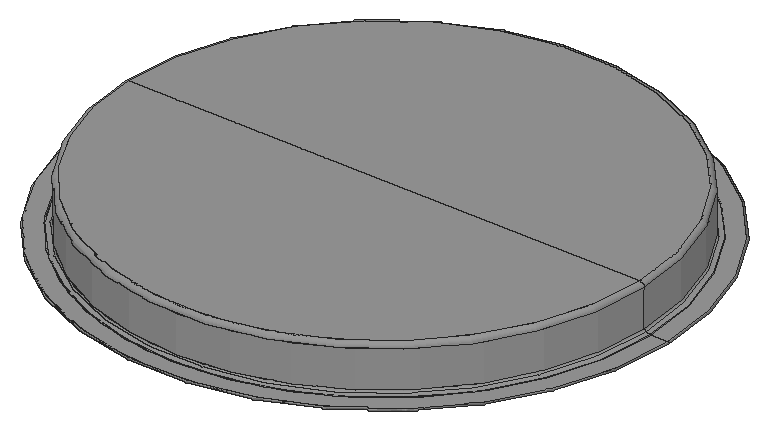
Revit family "MIA13_63_UN_Downlighter_ETK", category Lighting Fixtures, Revit 2017 (continued)
Definition of nested family "MIA.13 - Lightsource"
  Types (8, lengths in mm): name | Wattage | built-in parameter 1150134 | Photometric Web File | built-in parameter 1150142 | built-in parameter 1150105 | Lumens | built-in parameter 1150107 | built-in parameter 1150106
      65.4661 159.6765 \r\n154.0902 148.9101 143.8315 138.9796 134.5183 130.0492 \r\n124.666 118.9624 113.2042 107.3834 101.5314 95.8903 90.9915 \r\n86.1005 80.9829 75.67 70.3414 64.966 59.575 54.1761 48.7694 \r\n43.3784 38.1358 33.4948 28.8538 24.1113 19.3062 14.6105 \r\n10.4461 6.6411 3.7425 2.8987 2.8362 2.7737 \r\n345.652 346.9724 346.7615 346.0974 344.9019 343.48 342.5268 \r\n342.2064 342.0111 341.9095 341.9408 341.972 340.9251 \r\n339.6828 338.0186 335.7997 333.2839 331.0337 329.3226 \r\n327.674 326.3927 325.502 324.5332 322.7283 320.6813 318.228 \r\n315.2434 312.0009 308.8601 305.9536 303.0471 300.6719 \r\n298.5389 296.3357 293.7495 290.9993 288.0381 284.7644 \r\n281.3267 277.6076 273.2479 268.8804 265.2082 261.7626 \r\n258.4733 255.4184 252.5041 249.1757 244.9879 240.6204 \r\n235.9637 230.8227 225.6895 221.1032 216.6966 212.5166 \r\n208.6726 205.0473 201.1642 196.3982 191.64 186.5146 \r\n181.1313 175.7481 170.6618 165.7083 160.8094 155.9809 \r\n151.1759 146.2614 140.972 135.6825 130.4321 125.1973 \r\n119.8844 114.2746 108.4772 102.7971 97.3826 92.0775 86.8896 \r\n82.0298 77.1779 71.8181 66.2317 60.661 55.2153 49.8789 \r\n44.5504 39.2531 33.9636 29.0882 24.6894 20.361 15.8684 \r\n11.2978 6.7193 2.133 0 0 0 \r\n345.652 344.9176 345.3629 345.9489 346.1286 345.8005 \r\n345.1988 344.23 342.5971 340.9876 339.6359 338.4874 \r\n337.4326 336.9873 336.7138 336.0966 335.0496 333.737 \r\n332.0416 329.5336 327.0255 324.2831 321.4626 318.9312 \r\n317.2748 316.0091 314.5011 312.626 310.5633 308.1256 \r\n304.977 301.8361 298.1014 294.1949 290.6399 287.7569 \r\n285.2567 282.7018 279.9984 277.2404 274.0761 270.3649 \r\n266.6536 262.6533 258.5749 254.4183 250.1602 245.8395 \r\n241.6986 238.1124 234.5261 230.8462 227.1115 223.244 \r\n218.6733 213.7667 208.7116 203.4143 198.0389 192.9057 \r\n188.4757 184.0534 179.8891 175.8497 171.5681 166.5208 \r\n160.9501 155.3168 149.5351 143.7612 138.3233 133.6354 \r\n128.9554 123.8612 118.5874 113.2042 107.6412 101.9533 \r\n96.3825 91.2649 86.1786 80.811 75.1543 69.4664 64.1066 \r\n58.9265 53.7229 48.4804 43.2299 38.0577 33.3229 28.5882 \r\n23.7284 18.7827 13.923 9.8133 6.2505 3.4846 2.5627 2.594 \r\n2.6252 \r\n345.652 346.4568 346.5193 346.488 346.1442 345.2848 \r\n344.1519 342.9018 341.4329 340.0188 339.1671 338.9874 \r\n338.7843 338.2374 337.5889 336.5732 335.034 333.2057 \r\n331.1977 328.7288 326.2521 324.0722 322.0408 320.1031 \r\n318.5327 317.1185 315.4778 313.462 311.2353 308.6647 \r\n305.2348 301.797 298.2811 294.7262 291.4681 288.9132 \r\n286.7958 284.4363 281.5845 278.5686 275.209 271.1852 \r\n267.1693 262.708 258.0827 253.7855 250.082 246.8005 \r\n243.4409 239.8312 236.2138 232.1041 227.5803 223.0096 \r\n218.5796 214.2199 209.6648 204.7582 199.6406 194.6558 \r\n190.2649 185.8661 181.6001 177.4045 173.0682 168.0444 \r\n162.5518 156.981 151.2384 145.4411 139.7765 134.5808 \r\n129.3851 124.4785 119.7359 114.8605 109.5945 103.9847 \r\n98.3202 92.4838 86.6005 81.1079 76.1544 71.2712 66.177 \r\n60.9657 55.7387 50.4727 45.1832 39.9641 35.3153 30.6743 \r\n25.838 20.8141 15.7903 11.4384 7.6022 3.7659 0 0 0 \r\n345.652 344.3941 343.5112 342.683 342.5346 342.9409 \r\n343.4409 343.6206 343.4018 343.0815 341.9017 340.4485 \r\n338.7765 336.6591 334.4324 332.8698 331.9322 331.0649 \r\n330.1195 329.0726 328.0334 326.0723 324.0409 321.6736 \r\n318.8999 315.9544 313.1104 310.3758 307.7506 305.5395 \r\n303.719 301.8283 299.1171 296.3044 293.2651 289.9914 \r\n286.5771 282.8893 278.7718 274.7402 271.3415 268.31 \r\n265.3098 262.4111 259.5437 256.1059 252.0353 247.6912 \r\n243.1206 238.1592 233.1979 229.1507 225.3223 221.4939 \r\n217.6108 213.7198 209.4773 204.766 199.9297 194.8824 \r\n189.5304 184.1785 179.4125 174.7637 170.0914 165.3879 \r\n160.661 155.7934 150.629 145.4723 140.4016 135.4246 \r\n130.3774 124.6113 118.6421 112.876 107.3756 102.0314 \r\n96.8904 92.2181 87.5459 82.233 76.6388 71.0134 65.4192 \r\n59.8484 54.3792 49.082 43.8941 38.9249 34.4558 29.9867 \r\n25.1113 20.0953 15.2746 10.9149 6.8521 3.8362 3.0393 2.6096 \r\n2.1799 \r\n345.652 343.1909 343.1362 343.4175 343.8941 344.4488 \r\n344.6363 344.2456 343.5503 342.5033 340.6047 338.6983 \r\n337.167 335.7762 334.6277 333.9792 333.6354 332.9557 \r\n331.5493 329.9555 327.9787 325.3379 322.7049 320.0719 \r\n317.4389 315.0559 313.1182 311.4775 309.7195 307.5553 \r\n305.391 302.8127 299.9062 296.9138 293.1948 289.1085 \r\n285.3504 282.1627 279.3187 276.4591 273.537 270.6227 \r\n267.3725 263.9269 260.2703 255.9575 251.1915 246.5896 \r\n242.3392 238.2452 234.3621 231.1118 227.8616 223.9237 \r\n219.6422 215.1106 210.1883 204.9301 199.7969 195.1168 \r\n190.5149 185.9833 181.5454 177.1232 172.3728 167.435 \r\n162.3486 156.981 151.379 145.8551 140.886 135.9169 130.7915 \r\n125.5332 120.2438 114.9777 109.7117 104.5316 99.5312 \r\n94.6246 89.6008 83.8034 77.9983 72.4353 67.0365 61.7939 \r\n56.981 52.5822 48.0506 42.9877 37.7451 32.5338 27.4162 \r\n22.3142 17.4936 12.8682 8.2897 3.7112 0 0 0 \r\n345.652 345.9255 345.8239 345.6676 345.1129 343.9878 \r\n342.5736 341.2767 340.2297 339.2531 338.7999 338.8624 \r\n338.8468 338.0498 337.0263 335.6903 333.948 331.9869 \r\n329.807 327.1506 324.4863 322.8143 321.5564 320.2985 \r\n318.8452 317.3139 315.3528 312.7588 309.8914 306.7271 \r\n302.9534 299.1796 296.281 293.6636 291.1946 288.9054 \r\n286.7255 284.1472 280.7485 277.1779 273.2479 268.7632 \r\n264.2785 260.4735 256.8873 253.4104 250.0977 246.8865 \r\n243.4565 239.2999 235.1356 230.8852 226.5646 222.1814 \r\n217.3607 212.3291 207.5162 203.094 198.9452 195.1715 \r\n192.7104 190.2571 187.8037 185.3426 180.6704 172.7869 \r\n163.2315 155.1449 149.9805 144.8238 139.8078 134.909 \r\n130.0102 125.1582 120.3219 115.1809 109.6258 103.8831 \r\n98.203 92.6791 87.1552 82.2408 77.592 72.8885 67.8491 \r\n62.6533 57.4029 52.0822 46.7458 41.4876 36.3935 31.2993 \r\n26.8068 22.533 18.3217 14.173 10.0555 6.7583 5.1801 3.8597 \r\n2.5393 \r\n345.652 345.8395 345.402 344.816 343.7925 342.5502 341.6048 \r\n341.1204 340.8782 340.6516 340.4641 340.2766 339.4718 \r\n338.3936 337.1045 335.3465 333.276 331.1821 329.057 326.963 \r\n325.2207 324.2597 323.2987 321.8689 320.2438 318.2983 \r\n315.7512 312.751 309.6414 306.1411 302.6174 299.8516 \r\n297.8592 295.9528 293.6323 291.1009 288.3038 285.0223 \r\n281.397 277.6467 273.287 268.9194 265.091 261.6298 258.278 \r\n255.059 251.9337 248.5897 244.7222 240.6047 236.4482 \r\n232.1197 227.7912 223.0956 218.1733 213.3135 208.8054 \r\n204.6332 200.4922 196.4997 192.5385 188.1788 183.1706 \r\n178.0764 172.6307 166.974 161.497 156.52 151.9962 147.449 \r\n142.6361 137.8155 132.7526 127.4396 122.0642 116.4857 \r\n110.7274 105.1488 100.0156 95.2184 90.4055 85.3739 80.3344 \r\n75.1856 69.9273 64.7004 59.8015 55.2465 50.6055 45.6129 \r\n40.4485 35.3856 30.6508 25.9552 21.6736 17.7123 13.8448 \r\n9.9773 6.1099 2.2424 0 \r\n345.652 342.644 342.5815 342.894 343.2456 343.6362 343.8862 \r\n343.6675 342.894 342.0267 340.4172 338.6436 336.9326 \r\n335.3543 333.8073 332.7291 332.0884 331.3696 330.2836 \r\n328.7991 327.3146 325.0332 322.7362 320.2125 317.4389 \r\n314.5715 312.0088 309.8133 307.6334 305.5551 303.5472 \r\n301.4689 298.9218 296.3122 293.1323 289.3976 285.4442 \r\n281.5532 277.7483 274.0527 271.1774 268.6929 265.9973 \r\n262.6455 259.1218 255.2699 251.0821 246.7302 242.1283 \r\n237.1513 232.1666 228.3772 224.7988 221.0954 217.1498 \r\n213.0948 208.7507 204.0003 199.2187 194.5074 189.8742 \r\n185.241 179.9906 174.6465 169.4976 164.63 159.9031 155.3168 \r\n150.9805 146.5818 141.6126 136.1825 130.7133 125.002 \r\n119.2124 113.6183 108.2506 103.0471 98.1249 93.7964 89.4601 \r\n84.3582 78.9905 73.6386 68.4428 63.3018 58.3796 53.762 \r\n49.2226 44.6285 39.9484 35.2606 30.6274 26.002 21.6111 \r\n17.6654 13.9855 10.579 7.7272 4.9457 2.1564 \r\n345.652 343.269 342.6518 342.2533 342.4096 342.9096 \r\n343.3081 343.3393 343.0268 342.5971 341.1517 339.6437 \r\n337.8936 335.8622 333.7683 332.5104 331.9244 331.2603 \r\n330.4086 329.4085 328.3069 326.0645 323.83 321.3298 \r\n318.6186 315.845 313.1573 310.5633 308.0944 306.1099 \r\n304.3597 302.4611 300.0781 297.6404 294.5308 290.8977 \r\n287.0927 283.1862 279.1702 275.2559 272.201 269.3492 \r\n266.4271 263.3956 260.3328 256.7076 252.5666 248.2616 \r\n243.6753 238.7843 233.9011 230.182 226.4943 222.7127 \r\n218.8296 214.884 210.618 205.9458 201.2657 196.5857 191.89 \r\n187.1396 181.9048 176.6154 171.5993 166.8568 162.1767 \r\n157.3326 152.2228 147.1443 142.2924 137.5342 132.5807 \r\n127.0177 121.2985 115.7981 110.5321 105.4223 100.5938 \r\n96.2106 91.8197 86.6318 81.2954 75.9825 70.7243 65.4973 \r\n60.6297 56.2466 51.8947 47.4334 42.8627 38.2921 33.737 \r\n29.1898 24.7519 20.4469 16.2044 11.9697 7.7272 3.4925 0 \r\n345.652 344.3628 344.5191 344.8629 344.7222 344.1206 \r\n343.269 342.0502 340.2844 338.628 337.7764 337.2842 336.831 \r\n336.4638 336.12 335.2606 333.862 332.2291 330.2992 327.9475 \r\n325.5957 323.1815 320.7594 318.6499 317.0716 315.7122 \r\n314.1574 312.3603 310.3992 307.8756 304.7113 301.5548 \r\n297.7811 293.9136 290.4446 287.4756 284.7644 282.1861 \r\n279.8422 277.4045 274.2089 270.4196 266.5443 262.122 \r\n257.5436 253.301 249.457 245.7926 242.1595 238.5733 \r\n234.9793 230.9165 226.7052 222.4549 218.1733 213.8761 \r\n209.2038 204.0003 198.7108 193.7417 189.3195 184.8973 \r\n180.3344 175.7325 171.0915 166.3958 161.6611 156.6294 \r\n150.9884 145.316 139.8469 134.6355 129.4164 124.8301 \r\n120.4391 115.759 110.6571 105.3051 99.9141 94.4293 88.9444 \r\n83.4987 78.0764 72.7791 68.2866 64.1769 59.8172 55.0668 \r\n50.1524 45.316 40.7297 36.1356 32.0025 28.0803 24.1816 \r\n20.2516 16.2903 12.4619 8.9226 5.4536 1.9923 \r\n345.652 346.3786 346.5661 346.7146 347.0193 347.3865 \r\n347.4412 346.9959 346.2614 345.2067 343.2299 341.2454 \r\n339.4718 337.7842 336.3388 335.5106 335.0809 334.3542 \r\n333.0026 331.4478 329.5336 326.8068 324.0878 321.072 \r\n317.9311 315.1652 313.1495 311.6806 310.0477 307.86 \r\n305.6333 302.8127 299.4218 295.945 292.2338 288.3975 \r\n284.7176 281.3423 278.1545 275.0059 272.0681 269.1304 \r\n265.5911 261.6611 257.6061 253.3948 249.0585 244.691 \r\n240.2453 235.784 231.4321 227.5334 223.6347 219.7125 \r\n215.7903 211.6337 206.8834 201.6017 196.3122 190.968 \r\n185.6161 180.7251 176.5529 172.4666 167.8256 162.8565 \r\n157.7389 152.4103 146.8865 141.3392 135.5887 129.8383 \r\n124.6738 120.1031 115.6575 110.8602 105.7739 100.7266 \r\n95.7653 90.8587 85.8739 80.186 74.4902 69.107 63.9581 \r\n58.9421 54.1917 49.7148 45.277 41.0188 36.8466 32.5807 \r\n28.0647 23.5175 19.3218 15.384 11.704 8.5632 6.0161 3.469 \r\n0.9219 \r\n345.652 348.9491 349.0663 348.7851 348.2381 347.1287 \r\n345.6754 344.3003 343.0815 341.9252 341.1595 341.0345 \r\n340.9173 340.1828 339.2374 337.9561 336.1513 333.987 \r\n331.7525 329.2601 326.7599 324.6972 322.9627 321.2673 \r\n319.5718 317.8686 315.9934 313.8292 311.454 308.8288 \r\n305.2035 301.5704 297.9452 294.6793 291.6478 288.7335 \r\n285.9598 283.3268 280.6 277.4904 274.2558 270.6696 266.3099 \r\n261.8564 257.4185 252.9963 248.7772 245.0895 241.972 \r\n238.7608 234.9246 230.9946 226.7521 222.0955 217.3373 \r\n212.1572 206.6099 201.2735 196.5622 192.4135 188.2569 \r\n183.7722 179.2874 174.4511 169.2867 164.0284 158.9577 \r\n154.098 149.121 143.6597 137.9014 132.2603 127.1037 \r\n122.0095 117.1967 112.626 108.0241 102.9768 97.3357 91.7181 \r\n86.2489 80.8344 75.4981 70.3414 65.2238 60.5047 56.1763 \r\n51.8634 47.3474 42.5893 37.8233 33.2526 28.7054 24.4316 \r\n20.5329 16.7904 13.1651 9.6961 6.227 2.7658 0 \r\n345.652 345.4411 345.9333 346.5193 346.8787 347.0506 \r\n347.0115 346.4411 345.2379 343.9566 342.1361 340.1672 \r\n338.4796 337.292 336.245 335.3387 334.5808 333.7058 \r\n332.4557 330.7837 329.1116 326.2442 323.3378 320.4625 \r\n317.6264 314.8215 312.4697 310.6805 308.8366 306.7974 \r\n304.5941 302.2736 298.9296 295.4684 291.6947 287.6084 \r\n283.5143 279.9828 277.3264 274.6308 271.6618 268.56 \r\n265.2629 261.3251 257.2076 252.7932 248.0663 243.3237 \r\n238.878 234.8855 230.893 227.0099 223.1346 219.0718 \r\n214.6418 210.0633 205.4457 200.7813 196.0466 191.0149 \r\n185.6317 180.2485 175.4356 170.7086 166.1067 161.6611 \r\n157.2779 152.5041 146.9959 141.4798 135.9091 130.2992 \r\n124.7051 119.3531 114.0636 109.0788 104.4847 99.9922 \r\n95.1793 89.6711 84.1628 78.6468 73.1229 67.7787 62.9815 \r\n58.4343 53.887 49.3398 44.7769 40.1438 35.3934 30.6352 \r\n26.3067 22.1111 18.0483 14.1808 10.4383 7.3053 5.4145 \r\n3.6565 1.8908 \r\n345.652 347.2615 347.7615 348.0897 347.699 346.9568 \r\n345.9411 344.4332 342.6674 341.1126 340.3703 339.6281 \r\n339.1827 338.8937 338.4952 337.4561 335.9716 334.2136 \r\n331.8306 329.221 326.6818 324.3691 322.0564 320.3532 \r\n318.9468 317.4467 315.5168 313.2432 310.8446 308.0397 \r\n305.1645 301.9064 298.1327 294.2964 291.1399 288.3819 \r\n285.6239 282.8033 279.9281 276.9982 273.6229 270.2477 \r\n266.2161 261.5986 256.8638 252.426 248.2225 244.2535 \r\n240.8782 237.8545 234.698 230.5571 226.4083 221.7595 \r\n216.7357 211.5634 206.2583 200.8126 195.6247 191.3821 \r\n187.499 183.405 178.8187 174.162 169.0913 163.7159 158.3405 \r\n153.1448 148.1522 143.1206 137.7529 132.3307 127.0724 \r\n122.0486 117.0873 112.2275 107.4615 102.5471 97.242 91.5462 \r\n85.8583 80.4594 75.0527 69.7789 64.6222 59.5437 54.7387 \r\n50.2539 45.7067 40.9173 35.9637 31.0259 26.1739 21.322 \r\n17.0873 13.4229 9.9617 6.4927 3.0315 0 0 \r\n345.652 346.7693 345.8473 344.6754 344.1831 344.0816 \r\n344.0503 344.1128 344.23 344.23 343.1987 342.1439 340.5344 \r\n338.4093 336.1669 334.1042 332.1822 330.4633 329.2367 \r\n328.3069 327.2834 325.5176 323.7597 321.6111 318.9155 \r\n316.0169 313.0401 309.9852 307.0084 304.3675 302.0783 \r\n299.7812 297.3748 294.9527 292.1009 288.7413 285.1395 \r\n281.4204 277.4904 273.5761 269.7789 266.0677 262.4189 \r\n259.028 255.7153 252.3557 248.9413 245.402 241.4095 236.581 \r\n231.7525 226.7208 221.6345 216.8841 212.9385 209.3445 \r\n205.391 200.9219 196.3044 191.5071 186.4364 181.3579 \r\n175.8262 170.193 164.841 159.9656 155.3559 150.6446 \r\n145.7379 140.8001 135.7059 130.4477 125.2051 120.2203 \r\n115.3059 110.1414 104.6097 98.8984 93.2807 87.8975 82.5143 \r\n77.5217 72.7088 67.8491 62.6768 57.356 52.1213 47.0271 \r\n41.9798 36.9169 31.8072 26.7052 22.2517 18.0405 14.0792 \r\n10.6336 7.5084 5.0707 4.0784 3.3596 2.6486 \r\n345.652 344.7222 344.7613 344.941 345.2535 345.6286 \r\n345.6676 345.191 344.4566 343.4487 341.7533 340.0578 \r\n338.2764 336.456 334.8934 333.948 333.401 332.6666 331.5728 \r\n330.3461 328.6741 326.1505 323.6268 320.611 317.4154 \r\n314.4699 312.0244 309.9227 307.8756 306.063 304.2503 \r\n301.7814 298.7343 295.5856 291.9525 288.085 284.3503 \r\n280.8344 277.467 274.1777 271.2399 268.3022 264.9738 \r\n261.411 257.7389 253.8636 249.8476 245.6129 240.8938 \r\n236.0106 231.3149 227.3303 223.3378 219.3062 215.259 \r\n211.1337 206.8365 202.383 197.742 192.4135 186.9365 \r\n181.5845 176.42 171.2712 166.8255 162.794 158.5514 153.762 \r\n148.5116 143.2221 137.6045 131.9712 126.5568 121.3376 \r\n116.1653 110.9071 105.5864 100.2578 94.9059 89.5304 84.1394 \r\n78.5999 73.0682 67.8256 62.8018 57.8248 52.6916 47.41 \r\n42.183 37.1201 32.1431 27.299 22.8299 18.4077 14.1417 \r\n10.0008 5.8833 1.7736 0 0 0 \r\n345.652 344.8238 345.2457 345.8317 346.0583 345.9098 \r\n345.527 344.7066 343.1987 341.6673 339.9719 338.1827 \r\n336.6513 336.0263 335.6512 334.9793 333.9792 332.7604 \r\n331.1274 328.8069 326.4864 323.7206 320.8688 318.2671 \r\n316.1888 314.3371 312.4541 310.5477 308.5788 306.3599 \r\n303.7894 301.2188 297.4373 293.4526 289.6242 286.0458 \r\n282.5924 279.3734 276.5841 273.787 270.8258 267.7319 \r\n264.5207 260.2625 255.6997 251.129 246.5427 242.0189 \r\n237.8701 234.5886 231.3149 227.4475 223.3456 219.064 \r\n214.2824 209.2742 204.3128 199.4218 194.5621 189.7414 \r\n185.0066 180.2719 175.5528 170.8415 165.9739 160.8173 \r\n155.4887 150.2617 145.2535 140.2453 135.0262 129.4867 \r\n123.9472 118.6343 113.3995 108.2272 103.1643 98.1639 \r\n92.9604 87.1162 81.272 75.545 69.9039 64.38 59.6062 55.1996 \r\n50.5508 45.4879 40.2141 34.9168 29.5336 24.1503 19.1109 \r\n14.2355 9.8523 6.8677 4.8363 3.3596 3.1252 3.2815 3.4378 \r\n345.652 345.8708 344.8082 343.8706 343.2768 342.8237 \r\n342.7455 343.1206 343.3393 342.9643 342.1283 341.1829 \r\n339.4406 337.5967 335.5653 333.3542 331.1821 329.6117 \r\n328.9319 328.1741 326.7755 325.0801 323.2284 320.9157 \r\n318.478 315.6418 312.3916 309.1413 306.3052 304.0863 \r\n301.8673 299.75 297.6561 295.1949 292.1009 288.7413 \r\n285.0535 280.936 276.8498 273.1542 269.9352 266.724 \r\n263.6065 260.5047 257.0982 253.2854 249.246 244.9019 \r\n239.979
      7 235.1043 230.604 226.3927 222.2283 218.3452 \r\n214.5402 210.4461 206.0005 201.3829 196.7497 192.0853 \r\n187.4131 182.1705 176.7326 171.3806 166.3724 161.5126 \r\n156.8326 152.4103 147.9725 143.0659 137.2842 131.4946 \r\n125.6114 119.7047 113.8995 108.321 102.8674 97.617 92.7729 \r\n87.9366 82.8112 77.2717 71.7322 66.0911 60.411 54.9809 \r\n49.9492 45.152 40.2844 35.2059 30.1352 25.0801 20.0484 \r\n15.134 11.0477 7.3678 3.6878 0 0 0 0 \r\n345.652 347.0896 345.9958 344.5816 343.4253 342.6049 \r\n341.972 341.6517 341.8939 342.0658 341.6517 340.7532 \r\n339.7297 337.8467 335.7294 333.5495 331.2993 329.096 \r\n327.3224 326.4552 325.5879 324.1034 322.4002 320.4625 \r\n317.9076 315.0715 312.1025 308.9382 305.7895 302.9221 \r\n300.6016 298.2811 295.8591 293.4135 290.7962 287.8741 \r\n284.7801 281.2798 276.9357 272.5525 268.4975 264.8801 \r\n261.2626 257.8561 254.5121 251.0977 247.574 243.9566 \r\n240.0031 235.0496 230.1039 225.2129 220.361 215.634 \r\n211.7431 208.2428 204.3988 199.9687 195.234 190.3586 \r\n185.0379 179.7094 174.623 169.6304 164.6769 159.7859 \r\n154.9262 149.9961 144.9019 139.7453 134.448 128.8304 \r\n123.2206 117.7983 112.4619 107.0709 101.547 95.9137 90.3196 \r\n84.8348 79.3578 74.1777 69.2945 64.4503 59.1843 53.7073 \r\n48.2538 42.8393 37.4717 32.2291 27.6193 23.0096 18.3374 \r\n13.6183 9.1648 6.2505 4.4535 3.0862 2.7111 2.8049 2.8987 \r\n" | 157.56 (stored number, unit not read) | 1980 lm | 4000 (stored number, unit not read) | 1.5756 (stored number, unit not read)
